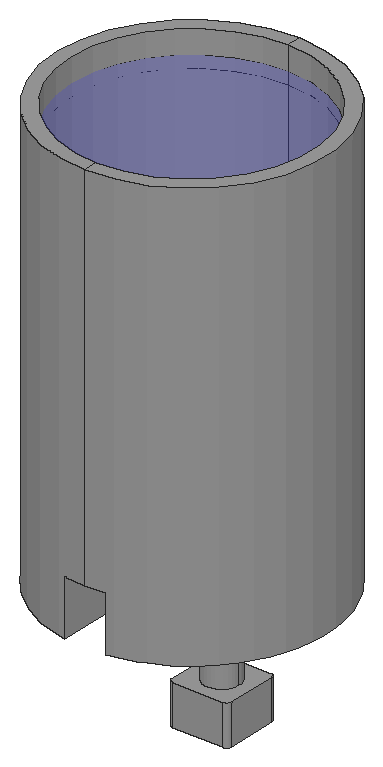
Revit family "Alcon - 13312-Linear_Family", category Generic Models, host Face, Revit 2025
Family settings
  Host = Face
  Can host rebar = No
  Round Connector Dimension = Use Diameter
  Part Type = Normal
  Cut with Voids When Loaded = No
  Maintain Annotation Orientation = No
  Shared = No
  Room Calculation Point = No
Parameters
  URL = "https://www.alconlighting.com/?srsltid=AfmBOooDPhGQ0dEP-X2PMtxFfvvWpIAEL4jCll_O2F4_to5onvhnBomy"
  Product Page URL = "https://www.alconlighting.com/13114-bella.html"
  Model = "13114"
  Manufacturer = "ALCON Lighter"
  Fixture Rotation = 90.00°
  Default Elevation = 4' - 0"
  BODY = Default
Reference planes (in)
  plane 1 "Center (Front/Back)": y = 0
  plane 2: z = 0
  plane 3 "Center (Left/Right)": x = 0
  plane 4: z = 1.84855
Forms (in)
  Extrusion 1, solid, material "Default" <- "BODY"
    sketch origin (0, 0, 0.5) x (0, 1, 0) y (1, 0, 0)
      loop
        arc (-0.375, -0.3125) -> (-0.35669, -0.35669) -> (-0.3125, -0.375) r 0.0625
        line (-0.3125, -0.375) -> (0.3125, -0.375)
        arc (0.3125, -0.375) -> (0.35669, -0.35669) -> (0.375, -0.3125) r 0.0625
        line (0.375, -0.3125) -> (0.375, 0.3125)
        arc (0.375, 0.3125) -> (0.35669, 0.35669) -> (0.3125, 0.375) r 0.0625
        line (0.3125, 0.375) -> (-0.3125, 0.375)
        arc (-0.3125, 0.375) -> (-0.35669, 0.35669) -> (-0.375, 0.3125) r 0.0625
        line (-0.375, 0.3125) -> (-0.375, -0.3125)
    from 0 to 0.5
  Extrusion 2, solid, material "Default" <- "BODY"
    sketch origin (0, 0, 0.5) x (0, 1, 0) y (-1, 0, 0)
      loop
        circle (0, 0) r 0.21871
    from 0 to 1.55403
Dimensions and locks (in)
  "Fixture Rotation": angle nested 1 to plane 4
  aligned and locked: plane 2 to host face
  aligned and locked: level to host face
Automatic sketch dimensions
  host sketch curve to host sketch curve = 8' - 0"  (x2)
  plane 1 "Center (Front/Back)" to Extrusion 1 sketch curve = 0' - 0 3/8"
  Extrusion 1 sketch curve to Extrusion 1 sketch curve = 0' - 0 1/16"  (x3)
  Extrusion 1 sketch curve to plane 1 "Center (Front/Back)" = 0' - 0 5/16"  (x2)
  plane 3 "Center (Left/Right)" to Extrusion 1 sketch curve = 0' - 0 3/8"
  Extrusion 1 sketch curve to plane 3 "Center (Left/Right)" = 0' - 0 5/16"
  Extrusion 2 sketch curve to Extrusion 1 = 0' - 0 3/8"  (x2)
  radius of Extrusion 2 sketch curve = 0' - 0.21871"
Nested families (in)
  nested 1: "Alcon - 13312-Linear_Cylider" at (-0.375, 0, 1.84855) x (0, 0, -1) z (-1, 0, 0), type "Alcon - 13312-Linear_Cylider"
    with built-in parameter 1001306 0.083333 (stored number, unit not read)
Definition of nested family "Alcon - 13312-Linear_Cylider"
  Parameters (values of type "Alcon - 13312-Linear_Cylider")
    Wattage = 9.2903 W
    built-in parameter 1150110 = 1 (stored number, unit not read)
    built-in parameter 1114217 = 1 (stored number, unit not read)
    Tilt Angle = 60.00°
    built-in parameter 1150109 = 1 (stored number, unit not read)
    built-in parameter 1150134 = 3
    built-in parameter 1150113 = 1 (stored number, unit not read)
    built-in parameter 1010507 = 1.5708 (stored number, unit not read)
    built-in parameter 1010506 = 0.5236 (stored number, unit not read)
    built-in parameter 1150105 = 4614.1 (stored number, unit not read)
    Lumens = 1380 lm
    built-in parameter 1150115 = 1 (stored number, unit not read)
    Light Source Symbol Length = 10' - 0"
    built-in parameter 1150137 = (empty or 0)
    built-in parameter 1150139 = (empty or 0)
    built-in parameter 1001306 [instance] = 4' - 0"
    built-in parameter 1150112 = 1 (stored number, unit not read)
    built-in parameter 1150114 = 1 (stored number, unit not read)
    built-in parameter 1150132 = (empty or 0)
    built-in parameter 1150102 = (empty or 0)
    built-in parameter 1150107 = 3200 (stored number, unit not read)
    built-in parameter 1150138 = (empty or 0)
    built-in parameter 1150106 = 46.141 (stored number, unit not read)
    Housing = none
    Glass = none
    built-in parameter 1150104 = 13.8 (stored number, unit not read)
    Dimming Lamp Color Temperature Shift = (empty or 0)
    Default Elevation = 0' - 0"
    Color Filter = 16777215
    built-in parameter 1114218 = 1 (stored number, unit not read)
    built-in parameter 1150133 = 10 (stored number, unit not read)
  Reference planes (in)
    plane 1 "Center (Front/Back)": y = 0
    plane 2: z = 0
    plane 3 "Left": x = 0
    plane 4 "Right": x = 48
  Forms (in)
    Revolve 1, solid, material <- "Housing"
      sketch origin (-3.14623, 0, 0) x (1, 0, 0) y (0, 1, 0)
        loop
          line (-1.835, 1.6875) -> (-1.835, 1.50618) -> (-0.01201, 1.50618) -> (-0.01201, 0) -> (3.54, 0) -> (3.54, 1.6875) -> (-1.835, 1.6875)
        axis (-1.835, 0) -> (3.54, 0)
      angle from 0 to 360
    Extrusion 2, void
      sketch origin (0, 0, -0.08917) x (1, 0, 0) y (0, 0, 1)
        loop
          line (-0.30581, 0.34451) -> (-0.30581, -0.16617) -> (0.39377, -0.16617) -> (0.39377, 0.34451) -> (-0.30581, 0.34451)
      from 0.47271 to -1.84929
    Extrusion 3, solid, material <- "Glass"
      sketch origin (-4.98123, 0, 0) x (0, 1, 0) y (0, 0, -1)
        loop
          circle (0, 0) r 1.50618
      from -0.44269 to -0.29007
  Cuts and joins
    Extrusion 2 cuts Revolve 1
  Lines and regions (in)
    reference lines
      curve 1: line (0, 0, 0) -> (48, 0, 0)
    model lines
      curve 2: line (0, 0, 0) -> (-14.65601, 0, 0)
  Dimensions and locks (in)
    "built-in parameter 1001306": plane 3 "Left" to plane 4 "Right"
    aligned and locked: plane 4 "Right" to curve 1
    aligned and locked: plane 1 "Center (Front/Back)" to curve 1
    aligned and locked: plane 3 "Left" to curve 1
    aligned and locked: level to plane 2
  Automatic sketch dimensions
    plane 1 "Center (Front/Back)" to curve 2 = 0' - 0"
    curve 2 to plane 3 "Left" = 0' - 0"
    curve 2 to curve 2 = 1' - 2.65601"
    Extrusion 2 sketch curve to plane 3 "Left" = 0' - 0.30581"
    Extrusion 2 sketch curve to level = 0' - 0.25534"
    plane 3 "Left" to Extrusion 2 sketch curve = 0' - 0.39377"
    level to Extrusion 2 sketch curve = 0' - 0.25534"
    plane 1 "Center (Front/Back)" to Revolve 1 sketch curve = 0' - 0"  (x2)
    Revolve 1 sketch curve to plane 1 "Center (Front/Back)" = 0' - 1 11/16"
    Revolve 1 sketch curve to plane 3 "Left" = 0' - 4.98123"
    Revolve 1 sketch curve to Revolve 1 sketch curve = 0' - 1.82299"
    Revolve 1 sketch curve to Revolve 1 sketch curve = 0' - 0.18132"
    Revolve 1 sketch curve to Revolve 1 sketch curve = 0' - 1.09519"
    Revolve 1 sketch curve to Revolve 1 sketch curve = 0' - 1.16818"
    plane 3 "Left" to Revolve 1 sketch curve = 0' - 0.39377"
    radius of Extrusion 3 sketch curve to Revolve 1 = 0' - 0"
